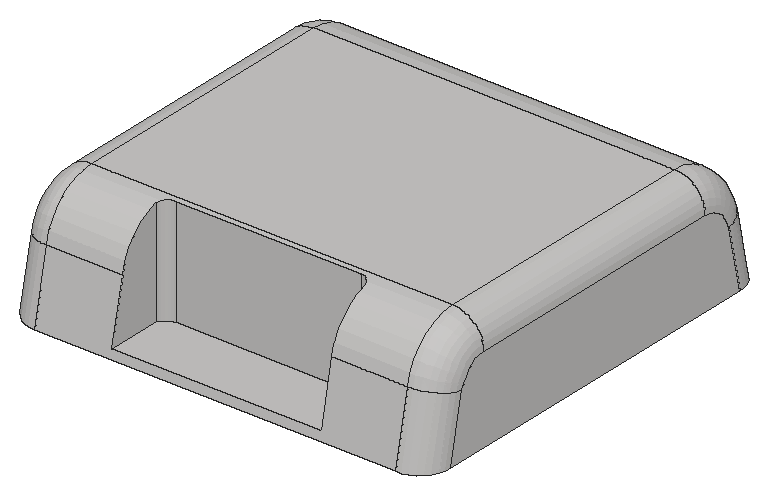
Revit family "RBA BIM - B7120", category Specialty Equipment, host Face, Revit 2013
Parameters (values of type "B-7128")
  URL = "www.rba.com.au"
  Type Comments = "Dryer with Stainless Steel Cover"
  Product Page URL = ""
  Product Name = "Trimline Surface-Mounted ADA Dryer"
  Model = "B-7120 Series"
  Manufacturer = "RBA Group"
  Keynote = "10 28 00"
  Finish Material = Stainless Steel-Bobrick-Satin
  Default Elevation = 1.2192 m
  Assembly Code = "C1030210"
  ADA Compliant = yes
Types (3, lengths in m): name | Type Comments | Finish Material
  (no name) | "Dryer with Stainless Steel Cover" | Stainless Steel-Bobrick-Satin
  B-7128 | "Dryer with Stainless Steel Cover" | Stainless Steel-Bobrick-Satin
  B-7120 | "Dryer with White Painted Cover" | Paint-Bobrick-White
Reference planes (m)
  plane 1 "Center (Front/Back)": y = 0
  plane 2: z = 0
  plane 3 "Center (Left/Right)": x = 0
  plane 4: y = 0.246157
  plane 5: y = -0.104728
  plane 6: x = -0.17507
  plane 7: x = 0.17507
  plane 8: z = 0.097109
Forms (m)
  Extrusion 1, solid, material "Stainless Steel-Bobrick-Satin" <- "Finish Material"
    sketch origin (-0.1524, 0.00635, 0.527935) x (0, 0, -1) y (0, 1, 0)
      loop
        line (0.527935, 0.239807) -> (0.470457, 0.227244)
        arc (0.470457, 0.227244) -> (0.442055, 0.209727) -> (0.430826, 0.178304) r 0.050392
        line (0.430826, 0.178304) -> (0.430826, -0.051381)
        arc (0.430826, -0.051381) -> (0.442034, -0.082175) -> (0.470415, -0.098561) r 0.047908
        line (0.470415, -0.098561) -> (0.527935, -0.111078) -> (0.527935, 0.239807)
    from -0.02267 to 0.32747
  Sweep 2, void
    path in 3D
      loop
        line (-0.17507, -0.045031, 0.097109) -> (-0.17507, 0.184654, 0.097109)
        arc (-0.17507, 0.184654, 0.097109) -> (-0.17507, 0.216077, 0.08588) -> (-0.17507, 0.233594, 0.057478) r 0.050392
        line (-0.17507, 0.233594, 0.057478) -> (-0.17507, 0.246157, 0)
    profile origin (-0.17507, 0.069812, 0.097109) x (-1, 0, 0) y (0, 0, 1)
      loop
        line (0, 0) -> (-0.0254, 0)
        arc (-0.0254, 0) -> (-0.007439, -0.007439) -> (0, -0.0254) r 0.0254
        line (0, -0.0254) -> (0, 0)
  Sweep 3, void
    path in 3D
      loop
        arc (-0.17507, -0.045031, 0.097109) -> (-0.17507, -0.075825, 0.085901) -> (-0.17507, -0.092211, 0.05752) r 0.047908
        line (-0.17507, -0.092211, 0.05752) -> (-0.17507, -0.104728, 0)
    profile origin (-0.17507, -0.075825, 0.085901) x (0, -0.642788, 0.766044) y (-1, 0, 0)
      loop
        line (0, 0) -> (-0.0254, 0)
        arc (-0.0254, 0) -> (-0.007439, -0.007439) -> (0, -0.0254) r 0.0254
        line (0, -0.0254) -> (0, 0)
  Sweep 4, void
    path in 3D
      loop
        line (0.17507, -0.104728, 0) -> (0.17507, -0.092211, 0.05752)
        arc (0.17507, -0.092211, 0.05752) -> (0.17507, -0.075825, 0.085901) -> (0.17507, -0.045031, 0.097109) r 0.047908
        line (0.17507, -0.045031, 0.097109) -> (0.17507, 0.184654, 0.097109)
        arc (0.17507, 0.184654, 0.097109) -> (0.17507, 0.216077, 0.08588) -> (0.17507, 0.233594, 0.057478) r 0.050392
        line (0.17507, 0.233594, 0.057478) -> (0.17507, 0.246157, 0)
    profile origin (0.17507, -0.075825, 0.085901) x (0, -0.642788, 0.766044) y (1, 0, 0)
      loop
        line (0, 0) -> (-0.0254, 0)
        arc (-0.0254, 0) -> (-0.007439, -0.007439) -> (0, -0.0254) r 0.0254
        line (0, -0.0254) -> (0, 0)
  Extrusion 5, void
    sketch origin (0, 0, 0) x (1, 0, 0) y (0, 1, 0)
      loop
        line (0.076468, -0.049679) -> (-0.076468, -0.049679)
        arc (-0.076468, -0.049679) -> (-0.083061, -0.051909) -> (-0.086947, -0.057682) r 0.010863
        line (-0.086947, -0.057682) -> (-0.086947, -0.104728) -> (0.086947, -0.104728) -> (0.086947, -0.057682)
        arc (0.086947, -0.057682) -> (0.083061, -0.051909) -> (0.076468, -0.049679) r 0.010863
    from 0.007134 to 0.181305
Cuts and joins
  Sweep 2, Sweep 3, Sweep 4, Extrusion 5 cuts Extrusion 1
Lines and regions (m)
  Masking region 1
    outline origin (0, 0, 0) x (1, 0, 0) y (0, 1, 0)
      loop
        line (-0.17507, 0.220158) -> (-0.17507, -0.078734)
        arc (-0.17507, -0.078734) -> (-0.168086, -0.096641) -> (-0.150662, -0.104728) r 0.025703
        line (-0.150662, -0.104728) -> (0.150662, -0.104728)
        arc (0.150662, -0.104728) -> (0.168086, -0.096641) -> (0.175038, -0.078734) r 0.025703
        line (0.175038, -0.078734) -> (0.17507, 0.220158)
        arc (0.17507, 0.220158) -> (0.168088, 0.238066) -> (0.150665, 0.246157) r 0.025706
        line (0.150665, 0.246157) -> (-0.150665, 0.246157)
        arc (-0.150665, 0.246157) -> (-0.168088, 0.238066) -> (-0.17507, 0.220158) r 0.025706
  Masking region 2
    outline origin (0, 0, 0) x (1, 0, 0) y (0, 0, 1)
      loop
        line (0.14967, 0.097109) -> (-0.14967, 0.097109)
        arc (-0.14967, 0.097109) -> (-0.16763, 0.08967) -> (-0.17507, 0.071709) r 0.0254
        line (-0.17507, 0.071709) -> (-0.17507, 0) -> (0.17507, 0) -> (0.17507, 0.071709)
        arc (0.17507, 0.071709) -> (0.16763, 0.08967) -> (0.14967, 0.097109) r 0.0254
  Masking region 3
    outline origin (0, 0, 0) x (0, 1, 0) y (0, 0, 1)
      loop
        line (0.246157, 0) -> (0.233493, 0.057634)
        arc (0.233493, 0.057634) -> (0.215997, 0.085937) -> (0.184654, 0.097109) r 0.050263
        line (0.184654, 0.097109) -> (-0.045072, 0.097109)
        arc (-0.045072, 0.097109) -> (-0.075851, 0.085899) -> (-0.092211, 0.05752) r 0.047859
        line (-0.092211, 0.05752) -> (-0.104728, 0) -> (0.246157, 0)
  sketch lines
    curve 1: line (-0.17507, -0.045031, 0.097109) -> (-0.17507, 0.184654, 0.097109)
    curve 2: arc (-0.17507, -0.045031, 0.097109) -> (-0.17507, -0.075825, 0.085901) -> (-0.17507, -0.092211, 0.05752) r 0.047908
    curve 3: line (-0.17507, -0.104728, 0) -> (-0.17507, -0.092211, 0.05752)
    curve 4: arc (-0.17507, 0.233594, 0.057478) -> (-0.17507, 0.216077, 0.08588) -> (-0.17507, 0.184654, 0.097109) r 0.050392
    curve 5: line (-0.17507, 0.233594, 0.057478) -> (-0.17507, 0.246157, 0)
    curve 6: arc (0.17507, -0.092211, 0.05752) -> (0.17507, -0.075825, 0.085901) -> (0.17507, -0.045031, 0.097109) r 0.047908
    curve 7: line (0.17507, -0.092211, 0.05752) -> (0.17507, -0.104728, 0)
    curve 8: line (0.17507, 0.184654, 0.097109) -> (0.17507, -0.045031, 0.097109)
    curve 9: arc (0.17507, 0.184654, 0.097109) -> (0.17507, 0.216077, 0.08588) -> (0.17507, 0.233594, 0.057478) r 0.050392
    curve 10: line (0.17507, 0.246157, 0) -> (0.17507, 0.233594, 0.057478)
  symbolic lines, style "Restroom Accessiories"
    curve 11: line (-0.086947, -0.057682, 0) -> (-0.086947, -0.103176, 0)
    curve 12: arc (-0.076468, -0.049679, 0) -> (-0.083061, -0.051909, 0) -> (-0.086947, -0.057682, 0) r 0.010863
    curve 13: line (0.076468, -0.049679, 0) -> (-0.076468, -0.049679, 0)
    curve 14: arc (0.086947, -0.057682, 0) -> (0.083061, -0.051909, 0) -> (0.076468, -0.049679, 0) r 0.010863
    curve 15: line (0.086947, -0.103176, 0) -> (0.086947, -0.057682, 0)
    curve 16: line (0.086947, -0.103176, 0) -> (-0.086947, -0.103176, 0)
Dimensions and locks (m)
  locked: plane 5 to plane 1 "Center (Front/Back)" at 0.104728
  locked: plane 1 "Center (Front/Back)" to plane 4 at 0.246157
  plane 6 to plane 3 "Center (Left/Right)" to plane 7 = 0.17507 m locked, 0.17507 m locked
  locked: host face to plane 8 at 0.097109
  aligned and locked: plane 2 to host face
  aligned and locked: level to host face
  aligned and locked: Extrusion 1 to level
  aligned and locked: plane 4 to Extrusion 1 sketch curve
  aligned and locked: plane 5 to Extrusion 1 sketch curve
  aligned and locked: plane 8 to Extrusion 1 sketch curve
  aligned and locked: Masking region 1 sketch curve to cut or joined group of Extrusion 1, Sweep 2, Sweep 3, Sweep 4, Extrusion 5  (x6)
  aligned and locked: Masking region 1 sketch curve to plane 4
  aligned and locked: Masking region 1 sketch curve to plane 5
  aligned and locked: curve 11 to cut or joined group of Extrusion 1, Sweep 2, Sweep 3, Sweep 4, Extrusion 5
  aligned and locked: curve 12 to cut or joined group of Extrusion 1, Sweep 2, Sweep 3, Sweep 4, Extrusion 5
  aligned and locked: curve 13 to cut or joined group of Extrusion 1, Sweep 2, Sweep 3, Sweep 4, Extrusion 5
  aligned and locked: curve 14 to cut or joined group of Extrusion 1, Sweep 2, Sweep 3, Sweep 4, Extrusion 5
  aligned and locked: curve 15 to cut or joined group of Extrusion 1, Sweep 2, Sweep 3, Sweep 4, Extrusion 5
  aligned and locked: curve 16 to cut or joined group of Extrusion 1, Sweep 2, Sweep 3, Sweep 4, Extrusion 5
  aligned and locked: Masking region 2 sketch curve to cut or joined group of Extrusion 1, Sweep 2, Sweep 3, Sweep 4, Extrusion 5  (x3)
  aligned and locked: plane 6 to Masking region 2 sketch curve
  aligned and locked: host face to Masking region 2 sketch curve
  aligned and locked: Masking region 2 sketch curve to plane 7
